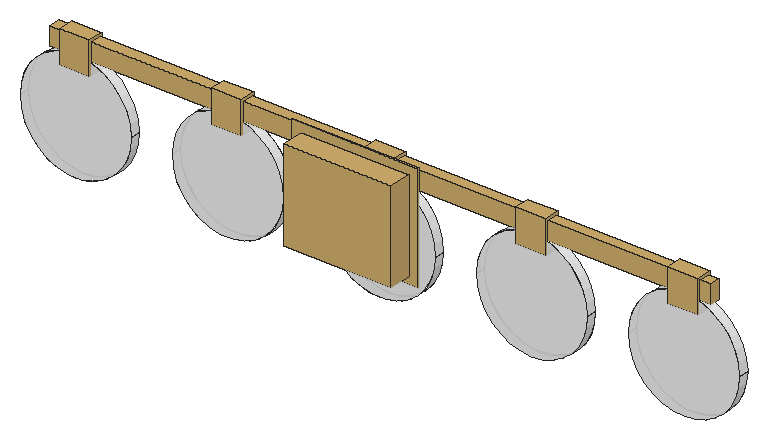
Revit family "3-5054-xx-xx Axiom Wall Sconce", category Luminarias, Revit 2021
Family settings
  Anfitrión = Muro
  Cota de conector redondo = Diámetro de uso
  Tipo de pieza = Normal
  Número OmniClass = 23.80.70.00
  Título OmniClass = Lighting
  Siempre vertical = Sí
  Corte con vacíos al cargar = No
  Origen de luz = Sí
  Compartido = No
  Punto de cálculo de habitación = No
Parameters (values of type "3-5054-40 / Aged Brass - Ice Acrylic")
  Ángulo de inclinación = 90.00°  # constant formula
  Elevación por defecto = 0 mm
  Diffuser = Ice Acrylic
  Comentarios de vataje = "1 x 12.0 W at 120 V"  # constant formula
  Wattage = 16 W
  built-in parameter 1150110 = 1 (stored number, unit not read)
  Voltage Input = "120 V or 277 V - 50/60 Hz"  # constant formula
  Voltage = 120 V
  URL = "www.oxygenlighting.com"
  built-in parameter 1114217 = 1 (stored number, unit not read)
  built-in parameter 1150109 = 1 (stored number, unit not read)
  built-in parameter 1150134 = (empty or 0)
  built-in parameter 1150113 = 1 (stored number, unit not read)
  References = "Ref. 3 = 120 V / Ref. 37 = 277 V"  # constant formula
  Modelo = "3-5054-xx / Axiom Wall Sconce"  # constant formula
  Metal Finish 1 = 40 - Aged Brass
  Fabricante = "Oxygen Lighting and Fans"  # constant formula
  Lumens = 1192 lm
  built-in parameter 1150115 = 1 (stored number, unit not read)
  built-in parameter 1150105 = 94.856 (stored number, unit not read)
  built-in parameter 1150137 = (empty or 0)
  built-in parameter 1150139 = (empty or 0)
  built-in parameter 1150112 = 1 (stored number, unit not read)
  built-in parameter 1150114 = 1 (stored number, unit not read)
  Lámpara = "LED Array"  # constant formula
  built-in parameter 1150132 = (empty or 0)
  built-in parameter 1150102 = (empty or 0)
  built-in parameter 1150138 = (empty or 0)
  built-in parameter 1150107 = 3000 (stored number, unit not read)
  built-in parameter 1150106 = 0.94856 (stored number, unit not read)
  built-in parameter 1150104 = 6.9213 (stored number, unit not read)
  Dimming Lamp Color Temperature Shift = (empty or 0)
  Color Filter = 16777215
  built-in parameter 1114218 = 1 (stored number, unit not read)
  Archivo de red fotométrica = "3-5054-15 Axiom 5LT.ies"
  built-in parameter 1150133 = 10 (stored number, unit not read)
Types (2, lengths in mm): name | Metal Finish 1
  3-5054-15 / Black - ice acrylic | 15 - Black
  3-5054-40 / Aged Brass - Ice Acrylic | 40 - Aged Brass
Reference planes
  plane 1: y = 0
  plane 2 "Light Source Axis (L/R)": x = 125
  plane 3 "Light Source Axis (F/R)": y = 172.5
  plane 4 "Light Source Elevation": z = 911.371
  plane 5: y = 75
  plane 6: z = 822.5
Text (mm)
  text "Placement side" at (-1787.139, 1116.779, 0), in view "Ref. Level"
  text "Placement side" at (0, 2110.396, 2986.058), in view "Left"
  text "Placement side" at (0, 628.478, 3011.967), in view "Right"
Dimensions and locks
  locked: plane 3 "Light Source Axis (F/R)" to plane 5 at 97.5
  locked: plane 6 to plane 4 "Light Source Elevation" at 88.871
  aligned and locked: plane 1 to host wall
  aligned and locked: plane 4 "Light Source Elevation" to imposter light
  aligned and locked: plane 5 to host wall
  aligned and locked: plane 2 "Light Source Axis (L/R)" to imposter light
  aligned and locked: plane 3 "Light Source Axis (F/R)" to imposter light
  aligned and locked: nested 1 to plane 6
Nested families
  nested 1: "Family1" at (125, 75, 894.714) x (-1, 0, 0) z (0, 0, 1), type "Family1"
Definition of nested family "Family1"
  Parameters (values of type "Family1")
    Metal finish 2 = none
    Metal Finish 1 = none
    Default Elevation = 0 mm
    Diffuser = none
  Reference planes
    plane 1 "Center (Front/Back)": y = 0
    plane 2: z = 0
    plane 3 "Center (Left/Right)": x = 0
  Forms (mm)
    Extrusion 1, solid, material <- "Metal Finish 1"
      sketch origin (0, 0, 0) x (1, 0, 0) y (0, 0, 1)
        loop
          line (-72.214, 60) -> (-72.214, -62.591) -> (72.214, -62.591) -> (72.214, 60) -> (-72.214, 60)
      from 0 to 29.882
    Extrusion 2, solid, material <- "Metal Finish 1"
      sketch origin (0, 0, 0) x (1, 0, 0) y (0, 1, 0)
        loop
          line (-84.665, -29.882) -> (-84.665, -30.878) -> (84.665, -30.878) -> (84.665, -29.882) -> (-84.665, -29.882)
      from -72.214 to 71.773
    Extrusion 3, solid, material <- "Metal Finish 1"
      sketch origin (-204.193, 0, 0) x (1, 0, 0) y (0, 0, 1)
        loop
          line (-19.921, 43.189) -> (-19.921, -0.638) -> (19.921, -0.638) -> (19.921, 43.189) -> (-19.921, 43.189)
      from 68.728 to 89.645
    Extrusion 4, solid, material <- "Diffuser"
      sketch origin (0, 0, 0) x (1, 0, 0) y (0, 0, 1)
        loop
          circle (-408.384, -57.072) r 74.705
        loop
          circle (-204.192, -57.072) r 74.705
        loop
          circle (0.096, -57.072) r 74.705
        loop
          circle (204.193, -57.072) r 74.705
        loop
          circle (408.384, -57.072) r 74.705
      from 71.716 to 85.661
    Extrusion 5, solid, material <- "Metal Finish 1"
      sketch origin (0, 0, 0) x (1, 0, 0) y (0, 0, 1)
        loop
          line (-443.247, 40.2) -> (-443.247, 15.299) -> (443.247, 15.299) -> (443.247, 40.2) -> (-443.247, 40.2)
      from 71.716 to 86.657
    Extrusion 6, solid, material <- "Metal Finish 1"
      sketch origin (204.193, 0, 0) x (1, 0, 0) y (0, 0, 1)
        loop
          line (-19.921, 43.189) -> (-19.921, -0.638) -> (19.921, -0.638) -> (19.921, 43.189) -> (-19.921, 43.189)
      from 68.728 to 89.645
    Extrusion 7, solid, material <- "Metal Finish 1"
      sketch origin (-408.385, 0, 0) x (1, 0, 0) y (0, 0, 1)
        loop
          line (-19.921, 43.189) -> (-19.921, -0.638) -> (19.921, -0.638) -> (19.921, 43.189) -> (-19.921, 43.189)
      from 68.728 to 89.645
    Revolve 8, solid, material <- "Metal Finish 1"
      sketch origin (-40, 0, 27.5) x (1, 0, 0) y (0, 1, 0)
        loop
          line (4.789, -30.878) -> (0, -30.878) -> (0, -71.772) -> (4.789, -71.772) -> (4.789, -30.878)
        axis (0, -30.878) -> (0, -71.772)
      angle from 0 to 360
    Revolve 9, solid, material <- "Metal Finish 1"
      sketch origin (39.685, 0, 27.5) x (1, 0, 0) y (0, 1, 0)
        loop
          line (4.789, -30.878) -> (0, -30.878) -> (0, -71.772) -> (4.789, -71.772) -> (4.789, -30.878)
        axis (0, -30.878) -> (0, -71.772)
      angle from 0 to 360
    Extrusion 10, solid, material <- "Metal Finish 1"
      sketch origin (0.095, 0, 0) x (1, 0, 0) y (0, 0, 1)
        loop
          line (-19.921, 43.189) -> (-19.921, -0.638) -> (19.921, -0.638) -> (19.921, 43.189) -> (-19.921, 43.189)
      from 68.728 to 89.645
    Extrusion 11, solid, material <- "Metal Finish 1"
      sketch origin (408.385, 0, 0) x (1, 0, 0) y (0, 0, 1)
        loop
          line (-19.921, 43.189) -> (-19.921, -0.638) -> (19.921, -0.638) -> (19.921, 43.189) -> (-19.921, 43.189)
      from 68.728 to 89.645
  Dimensions and locks
    aligned and locked: level to plane 2
